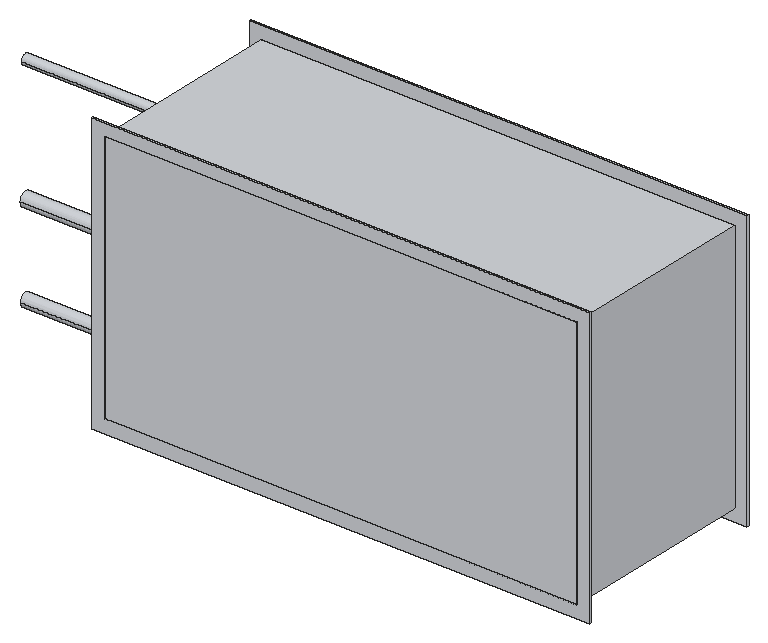
Revit family "Воздухоохладитель фреоновый DSF", category Оборудование, Revit 2022
Family settings
  Размер круглого соединителя = Использовать диаметр
  Тип детали = Нормальный
  На основе рабочей плоскости = Нет
  Всегда вертикально = Нет
  При загрузке вырезать с полостями = Нет
  Сохранять ориентацию аннотаций = Нет
  Общий = Нет
  Точка принадлежности помещению = Нет
Parameters (values of type "DSF 60-30/R3")
  Отметка по умолчанию = 0 mm
  Изготовитель = "WAER"  # constant formula
  Keynote = ""
  Д = 930 mm
  Б = 405 mm
  А = 755 mm
  URL = "https://waer-air.com/"
  ADSK_Размер_Ширина = 600 mm
  ADSK_Размер_Диаметр выход = 22 mm
  ADSK_Размер_Диаметр вход = 16 mm
  ADSK_Размер_Диаметр_Дренаж = 20 mm  # constant formula
  ADSK_Размер_Высота = 300 mm
  ADSK_Наименование краткое = "DSF 60-30/R3"
  ADSK_Наименование = "Воздухоохладитель фреоновый DSF 60-30/R3"
  ADSK_Масса_Текст = "22.5"
  ADSK_Масса = 22.5
  ADSK_Марка = ""
  ADSK_Количество = 1  # constant formula
  ADSK_Код изделия = ""
  ADSK_Завод-изготовитель = "WAER"  # constant formula
  ADSK_Единица измерения = "шт."  # constant formula
Types (9, lengths in mm): name | Д | Б | А | ADSK_Размер_Ширина | ADSK_Размер_Диаметр выход | ADSK_Размер_Диаметр вход | ADSK_Размер_Высота | ADSK_Наименование краткое | ADSK_Наименование | ADSK_Масса_Текст | ADSK_Масса
  DSF 40-20/R3 | 730 | 305 | 555 | 400 | 16 | 12 | 200 | "DSF 40-20/R3" | "Воздухоохладитель фреоновый DSF 40-20/R3" | "17.5" | 17.5
  DSF 50-25/R3 | 830 | 355 | 655 | 500 | 16 | 12 | 250 | "DSF 50-25/R3" | "Воздухоохладитель фреоновый DSF 50-25/R3" | "18.5" | 18.5
  DSF 50-30/R3 | 8302 | 405 | 655 | 500 | 22 | 16 | 300 | "DSF 50-30/R3" | "Воздухоохладитель фреоновый DSF 50-30/R3" | "20.5" | 20.5
  DSF 60-30/R3 | 930 | 405 | 755 | 600 | 22 | 16 | 300 | "DSF 60-30/R3" | "Воздухоохладитель фреоновый DSF 60-30/R3" | "22.5" | 22.5
  DSF 60-35/R3 | 930 | 455 | 755 | 600 | 22 | 16 | 350 | "DSF 60-35/R3" | "Воздухоохладитель фреоновый DSF 60-35/R3" | "24" | 24
  DSF 70-40/R3 | 1030 | 505 | 855 | 700 | 28 | 22 | 400 | "DSF 70-40/R3" | "Воздухоохладитель фреоновый DSF 70-40/R3" | "27.5" | 27.5
  DSF 80-50/R3 | 1130 | 605 | 955 | 800 | 28 | 22 | 500 | "DSF 80-50/R3" | "Воздухоохладитель фреоновый DSF 80-50/R3" | "33" | 33
  DSF 90-50/R3 | 1240 | 625 | 1070 | 900 | 22 | 16 | 500 | "DSF 90-50/R3" | "Воздухоохладитель фреоновый DSF 90-50/R3" | "37.5" | 37.5
  DSF 100-50/R3 | 1340 | 625 | 1170 | 1000 | 35 | 28 | 500 | "DSF 100-50/R3" | "Воздухоохладитель фреоновый DSF 100-50/R3" | "43" | 43
Reference planes
  plane 1 "По центру (Вперед/Назад)": y = 0
  plane 2: z = 0
  plane 3 "По центру (Влево/Вправо)": x = 0
  plane 4: x = -300
  plane 5: x = 300
  plane 6: z = -150
  plane 7: z = 150
  plane 8: y = -158.5
  plane 9: y = 158.5
  plane 10: x = -377.5
  plane 11: x = 377.5
  plane 12: z = 202.5
  plane 13: z = -202.5
  plane 14: x = -630
Forms (mm)
  Extrusion 1, solid
    sketch origin (0, 0, 0) x (1, 0, 0) y (0, 0, 1)
      loop
        line (-377.5, 202.5) -> (-377.5, -202.5) -> (377.5, -202.5) -> (377.5, 202.5) -> (-377.5, 202.5)
    from -158.5 to 158.5
  Sweep 2, solid
    path in 3D
      loop
        line (-377.5, -158.5, 202.5) -> (-377.5, -158.5, -202.5) -> (377.5, -158.5, -202.5) -> (377.5, -158.5, 202.5) -> (-377.5, -158.5, 202.5)
    profile origin (0, -158.5, 202.5) x (0, -1, 0) y (0, 0, 1)
      loop
        line (0, 0) -> (0, 20) -> (-2, 20) -> (-2, 0) -> (0, 0)
  Sweep 3, solid
    path in 3D
      loop
        line (377.5, 158.5, 202.5) -> (377.5, 158.5, -202.5) -> (-377.5, 158.5, -202.5) -> (-377.5, 158.5, 202.5) -> (377.5, 158.5, 202.5)
    profile origin (0, 158.5, 202.5) x (0, 1, 0) y (0, 0, 1)
      loop
        line (0, 0) -> (0, 20) -> (-2, 20) -> (-2, 0) -> (0, 0)
  Extrusion 4, solid
    sketch origin (0, 0, 0) x (0, 1, 0) y (0, 0, 1)
      loop
        circle (0, 155) r 8
      loop
        circle (0, -189) r 10
      loop
        circle (0, -45) r 11
    from -630 to -377.5
Lines and regions (mm)
  sketch lines
    curve 1: line (377.5, -158.5, 202.5) -> (-377.5, -158.5, 202.5)
    curve 2: line (-377.5, -158.5, 202.5) -> (-377.5, -158.5, -202.5)
    curve 3: line (-377.5, -158.5, -202.5) -> (377.5, -158.5, -202.5)
    curve 4: line (377.5, -158.5, -202.5) -> (377.5, -158.5, 202.5)
    curve 5: line (-377.5, 158.5, 202.5) -> (377.5, 158.5, 202.5)
    curve 6: line (377.5, 158.5, 202.5) -> (377.5, 158.5, -202.5)
    curve 7: line (377.5, 158.5, -202.5) -> (-377.5, 158.5, -202.5)
    curve 8: line (-377.5, 158.5, -202.5) -> (-377.5, 158.5, 202.5)
Dimensions and locks
  equal spacing: plane 5, plane 3 "По центру (Влево/Вправо)", plane 4
  "ADSK_Размер_Ширина": plane 5 to plane 4
  equal spacing: plane 7, plane 2, plane 6
  "ADSK_Размер_Высота": plane 7 to plane 6
  equal spacing: plane 9, plane 1 "По центру (Вперед/Назад)", plane 8
  locked: plane 9 to plane 8 at 317
  plane 8 to plane 9 = 317 mm
  equal spacing: plane 11, plane 3 "По центру (Влево/Вправо)", plane 10
  "А": plane 11 to plane 10
  equal spacing: plane 12, plane 2, plane 13
  "Б": plane 12 to plane 13
  "Д": plane 5 to plane 14
  "ADSK_Размер_Диаметр вход": diameter of Extrusion 4 sketch curve
  "ADSK_Размер_Диаметр выход": diameter of Extrusion 4 sketch curve
  "ADSK_Размер_Диаметр_Дренаж": diameter of Extrusion 4 sketch curve
  aligned and locked: level to plane 2
  aligned and locked: plane 9 to Extrusion 1
  aligned and locked: Extrusion 1 to plane 8
  aligned and locked: Extrusion 1 sketch curve to plane 12
  aligned and locked: plane 10 to Extrusion 1 sketch curve
  aligned and locked: plane 13 to Extrusion 1 sketch curve
  aligned and locked: Extrusion 1 sketch curve to plane 11
  aligned and locked: Extrusion 4 to plane 14
  aligned and locked: Extrusion 4 to Extrusion 1
Automatic sketch dimensions
  Sweep 2 sketch curve to profile plane = 0 mm  (x2)
  profile plane to Sweep 2 sketch curve = 2 mm
  profile plane to Sweep 2 sketch curve = 20 mm
  Sweep 3 sketch curve to profile plane = 0 mm  (x2)
  profile plane to Sweep 3 sketch curve = 2 mm
  profile plane to Sweep 3 sketch curve = 20 mm
  Extrusion 4 sketch curve to plane 1 "По центру (Вперед/Назад)" = 0 mm  (x3)
  plane 13 to Extrusion 4 sketch curve = 13.5 mm
  Extrusion 4 sketch curve to level = 45 mm
  plane 7 to Extrusion 4 sketch curve = 5 mm
Connectors
  hvac at (0, -158.5, 0), driven by "ADSK_Размер_Высота", driven by "ADSK_Размер_Ширина"
    settings: on Extrusion 1, index 1, duct flow 0.0 L/s, flow factor 0, pres drop 0.0 Pa, loss coef 0, conn angle 0.00°, conn width 600 mm, conn height 300 mm, conn diameter 609.6 mm, duct sys type 29, conn prof type 1, flow config 0, flow direction 2, loss method 0, conn ref index 2, conn util no, is conn primary yes, conn desc ""
  hvac at (0, 158.5, 0), driven by "ADSK_Размер_Высота", driven by "ADSK_Размер_Ширина"
    settings: on Extrusion 1, index 2, duct flow 0.0 L/s, flow factor 0, pres drop 0.0 Pa, loss coef 0, conn angle 0.00°, conn width 600 mm, conn height 300 mm, conn diameter 609.6 mm, duct sys type 29, conn prof type 1, flow config 0, flow direction 1, loss method 0, conn ref index 1, conn util no, is conn primary no, conn desc ""
  piping at (-630, 0, 155), diameter 16, driven by "ADSK_Размер_Диаметр вход"
    settings: on Extrusion 4, index 3, connector inside diameter 609.6 mm, connector length 0 mm, flow factor 0, pipe flow 0.0 L/s, pressure drop 0.0 Pa, fitting loss kfactor 0, connector angle 0.00°, fixture units 0, engagement length 0 mm, angle of deflection 0.00°, flow configuration 0, flow direction 0, fitting loss method 0, system type 29, joint type 0, gender type 0, connector reference index -1, connector utility 0, adjustable connector no, is connector primary yes, connector description ""
  piping at (-630, 0, -45), diameter 22, driven by "ADSK_Размер_Диаметр выход"
    settings: on Extrusion 4, index 4, connector inside diameter 609.6 mm, connector length 0 mm, flow factor 0, pipe flow 0.0 L/s, pressure drop 0.0 Pa, fitting loss kfactor 0, connector angle 0.00°, fixture units 0, engagement length 0 mm, angle of deflection 0.00°, flow configuration 0, flow direction 0, fitting loss method 0, system type 29, joint type 0, gender type 0, connector reference index -1, connector utility 0, adjustable connector no, is connector primary no, connector description ""
  piping at (-630, 0, -189), diameter 20, driven by "ADSK_Размер_Диаметр_Дренаж"
    settings: on Extrusion 4, index 5, connector inside diameter 609.6 mm, connector length 0 mm, flow factor 0, pipe flow 0.0 L/s, pressure drop 0.0 Pa, fitting loss kfactor 0, connector angle 0.00°, fixture units 0, engagement length 0 mm, angle of deflection 0.00°, flow configuration 0, flow direction 0, fitting loss method 0, system type 29, joint type 0, gender type 0, connector reference index -1, connector utility 0, adjustable connector no, is connector primary no, connector description ""
